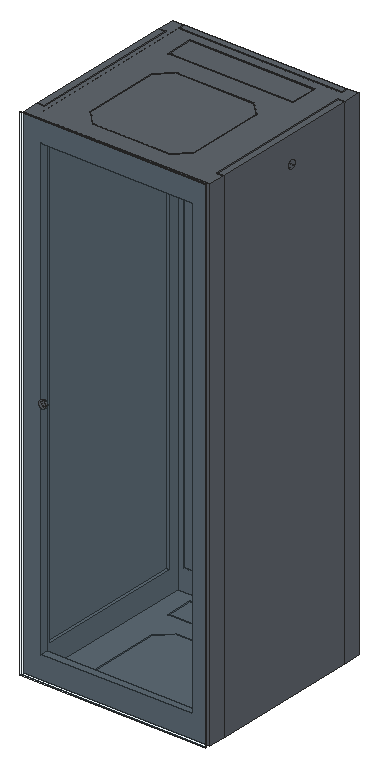
Revit family "Linkeo Freestanding cabinets with single front door width 600", category Equipement spécialisé, Revit 2020
Family settings
  Cote de connecteur circulaire = Utiliser le diamètre
  Type d'élément = Normal
  Numéro OmniClass = 23.85.05.17.11.14
  Titre OmniClass = Multimedia Broadcasting Equipment
  Basée sur le plan de construction = Non
  Toujours verticalement = Oui
  Couper avec des vides une fois chargée = Non
  Partagée = Oui
  Point de calcul de pièce = Non
Parameters (values of type "Cabinet Linkeo2 33U 600x600")
  With roof plate = yes
  With earthing = yes
  Width (mm) = 610.00 mm
  Usable width (mm) = 490.00 mm
  Usable height (mm) = 1481.00 mm
  Type of ventilation = "None"
  Type of surface = "Powder coating"
  Type of profile rail = "Crank"
  Storage temperature = "-25°C à 70°C"
  Rack location = 93.00 mm
  RAL Number = "7016"
  Operating temperature = "-25°C à 70°C"
  Number of height units = 33
  Number of doors = "1"
  Mounting level = "Front side"
  Modular spacing = "19 inches"
  Model width = 600.00 mm
  Model = "With permanent frame"
  Max load capacity = "400"
  Material = "Steel"
  Locking of the front door = "One point"
  Legrand part number = "646755"
  Type of levelling feet = "Levelling feet  600X600"
  Type of vertical uprights = "Vertical uprights for Linkeo freestanding cabinets  33U"
  Type of horizontal uprights = "Horizontal uprights for Linkeo freestanding cabinets  33U depth 600"
  Height = 1626.00 mm
  Function = "Cabinet Linkeo2"
  Front door material = glass
  Fabricant = "Legrand"  # constant formula
  E-catalogue link = "https://www.legrand.fr/reference/646755/pro"
  Door symbol = "Door symbol  Door 600mm"
  Elévation par défaut = 0.00 mm
  EAN = "3414971001527"
  Distance of the aperture 1 = 57.00 mm
  Depth of the model (mm) = 600.00 mm
  Depth = 630.00 mm
  Degree of protection IP = "IP20"
  Degree of protection IK = "IK08"
  Color = grey
  BIM wording = "Cabinet Linkeo2 33U 600x600"
  Avec porte frontale = yes
  Application class = "EC002499"
Types (5, lengths in mm): name | Usable width (mm) | Usable height (mm) | Number of height units | Legrand part number | Type of levelling feet | Type of vertical uprights | Type of horizontal uprights | Height | E-catalogue link | EAN | Distance of the aperture 1 | Depth of the model (mm) | Depth | BIM wording
  Cabinet Linkeo2 24U 600x600 | 490.00 | 1081.00 | 24 | "646750" | "Levelling feet  600X600" | "Vertical uprights for Linkeo freestanding cabinets  24U" | "Horizontal uprights for Linkeo freestanding cabinets  24U depth 600" | 1226.00 | "https://www.legrand.fr/reference/646750/pro" | "3414971001503" | 57.00 | 600.00 | 630.00 | "Cabinet Linkeo2 24U 600x600"
  Cabinet Linkeo2 42U 600x800 | 690.00 | 1881.00 | 42 | "646761" | "Levelling feet  600X800" | "Vertical uprights for Linkeo freestanding cabinets  42U" | "Horizontal uprights for Linkeo freestanding cabinets  42U depth 800" | 2026.00 | "https://www.legrand.fr/reference/646761/pro" | "3414971001558" | 257.00 | 800.00 | 830.00 | "Cabinet Linkeo2 42U 600x800"
  Cabinet Linkeo2 33U 600x600 | 490.00 | 1481.00 | 33 | "646755" | "Levelling feet  600X600" | "Vertical uprights for Linkeo freestanding cabinets  33U" | "Horizontal uprights for Linkeo freestanding cabinets  33U depth 600" | 1626.00 | "https://www.legrand.fr/reference/646755/pro" | "3414971001527" | 57.00 | 600.00 | 630.00 | "Cabinet Linkeo2 33U 600x600"
  Cabinet Linkeo2 42U 600x600 | 490.00 | 1881.00 | 42 | "646760" | "Levelling feet  600X600" | "Vertical uprights for Linkeo freestanding cabinets  42U" | "Horizontal uprights for Linkeo freestanding cabinets  42U depth 600" | 2026.00 | "https://www.legrand.fr/reference/646760/pro" | "3414971001541" | 57.00 | 600.00 | 630.00 | "Cabinet Linkeo2 42U 600x600"
  Cabinet Linkeo2 42U 600x1000 | 890.00 | 1881.00 | 42 | "646762" | "Levelling feet  600X1000" | "Vertical uprights for Linkeo freestanding cabinets  42U" | "Horizontal uprights for Linkeo freestanding cabinets  42U depth 1000" | 2026.00 | "https://www.legrand.fr/reference/646762/pro" | "3414971001565" | 457.00 | 1000.00 | 1030.00 | "Cabinet Linkeo2 42U 600x1000"
Reference planes
  plane 1 "Centre (avant/arrière)": y = 106
  plane 2: z = 0
  plane 3: x = 0
  plane 4: x = 600
  plane 5: z = 1626
  plane 6: y = -494
  plane 7: x = 55
  plane 8: x = 545
  plane 9: x = 300
  plane 10: z = 1553.5
  plane 11: z = 72.5
  plane 12: z = 813
  plane 13: y = -492
  plane 14: x = 300
  plane 15: y = -444.5
  plane 16: y = 455.094
  plane 17: x = 1428.928
  plane 18: z = -485.313
  plane 19: x = 2466.566
  plane 20: z = 813
  plane 21: x = 300
  plane 22: x = 500
  plane 23: x = 100
  plane 24: x = 300
  plane 25: y = -401
  plane 26: x = 525
  plane 27: y = -399.5
  plane 28: x = 556.5
  plane 29: x = 558
  plane 30: y = -360.5
  plane 31: y = -359
  plane 32: x = 534.5
  plane 33: x = 536
  plane 34: z = 80
  plane 35: z = 89.5
  plane 36: x = 528.5
  plane 37: x = 538
  plane 38: z = 111.75
  plane 39: z = 121.25
  plane 40: y = -742.5
  plane 41: y = -752
  plane 42: z = 105.38
  plane 43: z = 95.88
  plane 44: x = 77
  plane 45: x = 67.5
  plane 46: x = 66
  plane 47: z = 77.5
  plane 48: z = 1591
  plane 49: z = 813
  plane 50: y = -494
  plane 51: y = 66
  plane 52: z = 35
  plane 53: y = -601
  plane 54 "Panneaux gauche": y = -397.5
  plane 55 "Panneaux droit": y = 62.5
  plane 56 "Panneaux haut": z = 1589
  plane 57: z = 1541
  plane 58: z = 1541
  plane 59: y = -167.5
  plane 60: x = 175
  plane 61: x = 425
  plane 62: y = 54
  plane 63: y = -36
  plane 64: x = 98
  plane 65: x = 502
  plane 66: x = 131
  plane 67: y = -344.658
  plane 68: x = 469
  plane 69: y = -6.658
  plane 70: x = 133.5
  plane 71: y = -9.158
  plane 72: y = -342.158
  plane 73: x = 466.5
  plane 74: y = -50.658
  plane 75: y = -300.158
  plane 76: through (150.891, -321.084, 1200) normal (-0.7071, -0.7071, 0)
  plane 77: through (440.304, -329.89, 1200) normal (-0.7071, 0.7071, 0)
  plane 78: through (446.349, -26.971, 1200) normal (-0.7071, -0.7071, 0)
  plane 79: through (445.75, -29.908, 1200) normal (-0.7071, -0.7071, 0)
  plane 80: through (150.227, -316.885, 1200) normal (-0.7071, -0.7071, 0)
  plane 81: through (445.5, -321.158, 1200) normal (-0.7071, 0.7071, 0)
  plane 82: x = 100.5
  plane 83: y = 91.5
  plane 84: y = 7.5
  plane 85: x = 499.5
  plane 86: x = 131
  plane 87: y = -437
  plane 88: x = 469
  plane 89: y = -99
  plane 90: x = 133.5
  plane 91: y = -101.5
  plane 92: y = -434.5
  plane 93: x = 466.5
  plane 94: y = -143
  plane 95: y = -392.5
  plane 96: through (150.891, -413.426, 577) normal (-0.7071, -0.7071, 0)
  plane 97: through (440.304, -422.232, 577) normal (-0.7071, 0.7071, 0)
  plane 98: through (446.349, -119.313, 577) normal (-0.7071, -0.7071, 0)
  plane 99: through (445.75, -122.25, 577) normal (-0.7071, -0.7071, 0)
  plane 100: through (150.227, -409.227, 577) normal (-0.7071, -0.7071, 0)
  plane 101: through (445.5, -413.5, 577) normal (-0.7071, 0.7071, 0)
  plane 102: x = 51
  plane 103: x = 141
  plane 104: y = -92
  plane 105: y = -496
  plane 106: y = -94.5
  plane 107: x = 53.5
  plane 108: x = 459
  plane 109: x = 549
  plane 110: through (113.028, -163.472, 1200) normal (-0.7071, 0.7071, 0)
  plane 111: through (194.144, -78.82, 1200) normal (0.7071, -0.7071, 0)
  plane 112: through (113.028, -71.13, 1823) normal (-0.7071, 0.7071, 0)
  plane 113: through (194.144, 13.522, 1823) normal (0.7071, -0.7071, 0)
  plane 114: x = 175.5
  plane 115: through (175.5, -434.5, 1200) normal (-0.7071, -0.7071, 0)
  plane 116: x = 424.5
  plane 117: through (424.5, -434.5, 1200) normal (-0.7071, 0.7071, 0)
  plane 118: through (133.5, -143, 1200) normal (-0.7071, 0.7071, 0)
  plane 119: through (425, -101.5, 1200) normal (0.7071, 0.7071, 0)
  plane 120: x = 175.5
  plane 121: through (175.5, -342.158, 1823) normal (-0.7071, -0.7071, 0)
  plane 122: x = 424.5
  plane 123: through (424.5, -342.158, 1823) normal (-0.7071, 0.7071, 0)
  plane 124: through (133.5, -50.658, 1823) normal (-0.7071, 0.7071, 0)
  plane 125: through (425, -9.158, 1823) normal (0.7071, 0.7071, 0)
  plane 126: y = -401
  plane 127: z = 124.45
  plane 128: x = 42
  plane 129: y = -493.5
  plane 130: x = 100.5
  plane 131: x = 100.5
  plane 132: x = 100.5
  plane 133: x = 561.5
  plane 134: z = 1558
  plane 135: y = -194
  plane 136: y = 84.5
  plane 137: y = -472.5
  plane 138: x = 41
  plane 139: x = 559
  plane 140: x = 300
  plane 141: z = 5759
  plane 142: z = 1558
  plane 143: y = -694
  plane 144: z = 72
  plane 145: z = 1554
  plane 146: y = 82.5
  plane 147: y = -470.5
  plane 148: x = 138.5
  plane 149: x = 546.5
  plane 150: x = 578.5
  plane 151: x = 21.5
  plane 152: z = 1553.5
  plane 153: z = 72.5
  plane 154: z = 813
  plane 155: y = -194
  plane 156: y = 51
  plane 157: y = -439
  plane 158: x = 36.5
  plane 159: x = 563.5
  plane 160: y = 84.5
  plane 161: y = -294
  plane 162: y = -509
  plane 163: y = -504
  plane 164: y = -194
Forms (mm)
  Extrusion 1, solid, material "grey" <- "Color"
    sketch origin (0, 0, 0) x (0, 1, 0) y (0, 0, 1)
      loop
        line (-494, 0) -> (106, 0) -> (106, 1626) -> (-494, 1626) -> (-494, 0)
    from 0 to 600
  Extrusion 2, void
    sketch origin (-250, 82.5, 1200) x (1, 0, 0) y (0, 0, 1)
      loop
        line (285, 424) -> (285, -1198) -> (815, -1198) -> (815, 424) -> (285, 424)
    from 0 to 553
  Extrusion 3, void
    sketch origin (0, 106, 0) x (1, 0, 0) y (0, 0, 1)
      loop
        line (55, 1553.5) -> (55, 72.5) -> (545, 72.5) -> (545, 1553.5) -> (55, 1553.5)
    from 0 to 600
  Extrusion 4, solid, material "grey"
    sketch origin (-562.617, -509, 341.471) x (1, 0, 0) y (0, 0, 1)
      loop
        circle (638.746, 471.529) r 12
    from 0 to 5
  Extrusion 5, void
    sketch origin (-561.997, -514, 341.306) x (-1, 0, 0) y (0, 0, 1)
      loop
        line (-631.856, 476.03) -> (-633.789, 477.963) -> (-644.395, 467.357) -> (-642.463, 465.424) -> (-631.856, 476.03)
    from 0 to 2
  Extrusion 6, solid, material "grey", not visible
    sketch origin (50.552, -709, -159.029) x (1, 0, 0) y (0, 0, 1)
      loop
        circle (638.746, 471.529) r 12
    from 0 to 5
  Extrusion 7, void, not visible
    sketch origin (51.172, -714, -159.194) x (-1, 0, 0) y (0, 0, 1)
      loop
        line (-631.856, 476.03) -> (-633.789, 477.963) -> (-644.395, 467.357) -> (-642.463, 465.424) -> (-631.856, 476.03)
    from 0 to 2
  Extrusion 8, solid, material "grey" <- "Color", not visible
    sketch origin (-100, 47, -855.959) x (0, -1, 0) y (0, 0, 1)
      loop
        circle (154, 1149) r 12
    from 0 to 4
  Extrusion 9, void, not visible
    sketch origin (-104, 531.38, -177.686) x (0, 1, 0) y (0, 0, 1)
      loop
        line (-631.856, 476.03) -> (-633.789, 477.963) -> (-644.395, 467.357) -> (-642.463, 465.424) -> (-631.856, 476.03)
    from 0 to 2
  Extrusion 10, solid, material "grey" <- "Color"
    sketch origin (0, -13.5, 392) x (0, -1, 0) y (0, 0, 1)
      loop
        circle (154, 1149) r 12
    from 0 to 4
  Extrusion 11, void
    sketch origin (-4, 470.88, 1070.273) x (0, 1, 0) y (0, 0, 1)
      loop
        line (-631.856, 476.03) -> (-633.789, 477.963) -> (-644.395, 467.357) -> (-642.463, 465.424) -> (-631.856, 476.03)
    from 0 to 2
  Extrusion 12, solid, material "grey" <- "Color", not visible
    sketch origin (621, -865.746, -189.529) x (0, 1, 0) y (0, 0, 1)
      loop
        circle (638.746, 471.529) r 12
    from 0 to 4
  Extrusion 13, void, not visible
    sketch origin (625, -865.126, -189.694) x (0, -1, 0) y (0, 0, 1)
      loop
        line (-631.856, 476.03) -> (-633.789, 477.963) -> (-644.395, 467.357) -> (-642.463, 465.424) -> (-631.856, 476.03)
    from 0 to 2
  Extrusion 14, void
    sketch origin (0, -23, 0) x (1, 0, 0) y (0, 1, 0)
      loop
        line (131, -118.964) -> (131, -370.536) -> (174.464, -414) -> (425.536, -414) -> (469, -370.536) -> (469, -118.964) -> (426.036, -76) -> (173.964, -76) -> (131, -118.964)
    from 1626 to 0
  Extrusion 15, void
    sketch origin (0, -494, 0) x (0, -1, 0) y (1, 0, 0)
      loop
        line (-458, 98) -> (-458, 502) -> (-548, 502) -> (-548, 98) -> (-458, 98)
    from 0 to 1626
  Extrusion 16, solid, material "grey" <- "Color"
    sketch origin (698, 106, 1626) x (-1, 0, 0) y (0, -1, 0)
      loop
        line (597.5, 56) -> (597.5, 138.5) -> (198.5, 138.5) -> (198.5, 56) -> (597.5, 56)
    from 0 to -2
  Extrusion 17, solid, material "grey" <- "Color", not visible
    sketch origin (698, 146, 625) x (-1, 0, 0) y (0, -1, 0)
      loop
        line (597.5, 56) -> (597.5, 138.5) -> (198.5, 138.5) -> (198.5, 56) -> (597.5, 56)
    from 0 to -2
  Extrusion 18, solid, material "grey" <- "Color"
    sketch origin (698, 106, 2) x (-1, 0, 0) y (0, -1, 0)
      loop
        line (597.5, 56) -> (597.5, 138.5) -> (198.5, 138.5) -> (198.5, 56) -> (597.5, 56)
    from 0 to -2
  Extrusion 19, solid, material "grey" <- "Color"
    sketch origin (-100, -454, 0) x (1, 0, 0) y (0, -1, 0)
      loop
        line (233.5, -311) -> (275, -352.5) -> (525, -352.5) -> (566.5, -311) -> (566.5, -61.5) -> (524.5, -19.5) -> (275.5, -19.5) -> (233.5, -61.5) -> (233.5, -311)
    from 0 to -2
  Extrusion 20, solid, material "grey" <- "Color"
    sketch origin (0, 106, 1626) x (0, -1, 0) y (1, 0, 0)
      loop
        line (207.5, 175) -> (249, 133.5) -> (498.5, 133.5) -> (540.5, 175.5) -> (540.5, 424.5) -> (498.5, 466.5) -> (249, 466.5) -> (207.5, 425) -> (207.5, 175)
    from -2 to 0
  Extrusion 21, void
    sketch origin (0, 106, 0) x (1, 0, 0) y (0, 0, 1)
      loop
        line (549, 1554) -> (51, 1554) -> (51, 72) -> (549, 72) -> (549, 1554)
    from 2 to 0
  Extrusion 22, solid, material "grey" <- "Color"
    sketch origin (938.746, 106, 1067.471) x (-1, 0, 0) y (0, 0, 1)
      loop
        circle (638.746, 471.529) r 12
    from 0 to 4
  Extrusion 23, void
    sketch origin (938.126, 110, 1067.306) x (1, 0, 0) y (0, 0, 1)
      loop
        line (-631.856, 476.03) -> (-633.789, 477.963) -> (-644.395, 467.357) -> (-642.463, 465.424) -> (-631.856, 476.03)
    from 0 to 2
  Extrusion 24, solid, material "grey" <- "Color"
    sketch origin (600, -321.5, 392) x (0, 1, 0) y (0, 0, 1)
      loop
        circle (154, 1149) r 12
    from 0 to 4
  Extrusion 25, void
    sketch origin (604, -805.88, 1070.273) x (0, -1, 0) y (0, 0, 1)
      loop
        line (-631.856, 476.03) -> (-633.789, 477.963) -> (-644.395, 467.357) -> (-642.463, 465.424) -> (-631.856, 476.03)
    from 0 to 2
  Extrusion 26, void
    sketch origin (0, 0, 0) x (0, 1, 0) y (0, 0, 1)
      loop
        line (51, 1626) -> (-439, 1626) -> (-439, 0) -> (51, 0) -> (51, 1626)
    from 0 to 21.5
  Extrusion 27, solid, material "grey" <- "Color"
    sketch origin (0, 0, 0) x (0, 1, 0) y (0, 0, 1)
      loop
        line (51, 1626) -> (-439, 1626) -> (-439, 0) -> (51, 0) -> (51, 1626)
    from 0 to 21.5
  Extrusion 28, solid, material "grey" <- "Color"
    sketch origin (600, 0, 0) x (0, 1, 0) y (0, 0, 1)
      loop
        line (-439, 1626) -> (-439, 0) -> (51, 0) -> (51, 1626) -> (-439, 1626)
    from 0 to -21.5
  Extrusion 29, solid, material "grey" <- "Color"
    sketch origin (0, 106, 0) x (1, 0, 0) y (0, 0, 1)
      loop
        line (563.5, 1626) -> (36.5, 1626) -> (36.5, 0) -> (563.5, 0) -> (563.5, 1626)
    from 0 to 21.5
  Extrusion 30, void
    sketch origin (600, 0, 0) x (0, -1, 0) y (0, 0, 1)
      loop
        line (439, 1626) -> (-51, 1626) -> (-51, 0) -> (439, 0) -> (439, 1626)
    from 0 to 21.5
  Extrusion 31, void
    sketch origin (0, 0, 0) x (0, 1, 0) y (0, 0, 1)
      loop
        line (51, 1553.5) -> (-439, 1553.5) -> (-439, 72.5) -> (51, 72.5) -> (51, 1553.5)
    from 0 to 600
  Extrusion 32, void
    sketch origin (0, 106, 1626) x (1, 0, 0) y (0, -1, 0)
      loop
        line (36.5, 21.5) -> (36.5, 0) -> (563.5, 0) -> (563.5, 21.5) -> (36.5, 21.5)
    from 0 to 1626
  Extrusion 33, solid, material "glass" <- "Front door material"
    sketch origin (0, 106, 1626) x (0, -1, 0) y (1, 0, 0)
      loop
        line (615, 0) -> (615, 600) -> (610, 600) -> (610, 0) -> (615, 0)
    from -1626 to 4
  Extrusion 34, solid, material "grey" <- "Color", not visible
    sketch origin (600, -321.5, -8) x (0, 1, 0) y (0, 0, 1)
      loop
        circle (154, 1149) r 12
    from 0 to 4
  Extrusion 35, void, not visible
    sketch origin (604, -805.88, 670.273) x (0, -1, 0) y (0, 0, 1)
      loop
        line (-631.856, 476.03) -> (-633.789, 477.963) -> (-644.395, 467.357) -> (-642.463, 465.424) -> (-631.856, 476.03)
    from 0 to 2
Cuts and joins
  Extrusion 2, Extrusion 3, Extrusion 14, Extrusion 15, Extrusion 21, Extrusion 26, Extrusion 30, Extrusion 31, Extrusion 32 cuts Extrusion 1
  Extrusion 5 cuts Extrusion 4
  Extrusion 11, Extrusion 31 cuts Extrusion 10
  Extrusion 23 cuts Extrusion 22
  Extrusion 25, Extrusion 30 cuts Extrusion 24
Lines and regions (mm)
  model lines, not visible
    curve 1: line (488, 106, 813) -> (512, 106, 813)
    curve 2: line (-104, -119, 293.041) -> (-104, -107, 293.041)
    curve 3: line (-4, -179.5, 1541) -> (-4, -167.5, 1541)
    curve 4: line (661, -215, 282) -> (661, -227, 282)
    curve 5: line (-139, -227, 282) -> (-139, -227, 270)
    curve 6: line (0, -154, 1267) -> (0, -154, 1255)
    curve 7: line (-100, -93.5, 19.041) -> (-100, -93.5, 7.041)
    curve 8: line (288, 146, 1539) -> (300, 146, 1539)
    curve 9: line (300, -654, 1539) -> (300, -654, 1527)
    curve 10: line (604, -155.5, 1541) -> (604, -167.5, 1541)
    curve 11: line (700, -181, 1267) -> (700, -181, 1255)
    curve 12: line (600, -181, 1267) -> (600, -171, 1267)
    curve 13: line (0, -93.5, 19.041) -> (0, -103.5, 19.041)
    curve 14: line (100, -154, 1267) -> (100, -164, 1267)
    curve 15: line (600, -654, 1527) -> (600, -639, 1527)
    curve 16: line (-139, -527, 270) -> (-124, -527, 270)
    curve 17: line (700, -181, 867) -> (700, -181, 855)
    curve 18: line (600, -181, 867) -> (600, -171, 867)
Dimensions and locks
  "Model width": plane 4 to plane 3
  "Height": plane 5 to level
  "Depth of the model (mm)": plane 6 to plane 1 "Centre (avant/arrière)"
  locked: plane 7 to plane 8 at 490
  equal spacing: plane 7, plane 9, plane 8
  equal spacing: plane 4, plane 9, plane 3
  equal spacing: plane 5, plane 12, level
  equal spacing: plane 10, plane 12, plane 11
  "Usable height (mm)": plane 10 to plane 11
  Extrusion 2 sketch curve to plane 3 = 35.00 mm
  Extrusion 2 sketch curve to plane 4 = 35.00 mm
  locked: Extrusion 2 sketch curve to level at 2
  locked: plane 5 to Extrusion 2 sketch curve at 2
  locked: plane 6 to plane 13 at 2
  cut or joined group 1 (Extrusion 1, Extrusion 2, Extrusion 3, Extrusion 14, Extrusion 15, Extrusion 21, Extrusion 26, Extrusion 30, Extrusion 31, Extrusion 32) to plane 1 "Centre (avant/arrière)" = 23.50 mm
  equal spacing: plane 3, plane 14, plane 4
  equal spacing: plane 23, plane 24, plane 22
  "Rack location": plane 25 to plane 6
  locked: plane 27 to plane 25 at 1.5
  locked: plane 28 to plane 29 at 1.5
  locked: plane 30 to plane 31 at 1.5
  locked: plane 32 to plane 33 at 1.5
  plane 29 to cut or joined group 1 = 7.00 mm
  locked: plane 26 to plane 28 at 31.5
  locked: plane 31 to plane 25 at 42
  locked: plane 32 to plane 29 at 23.5
  locked: plane 34 to level at 80
  locked: plane 35 to plane 34 at 9.5
  locked: plane 36 to plane 37 at 9.5
  locked: plane 26 to plane 36 at 3.5
  locked: plane 39 to plane 38 at 9.5
  locked: plane 38 to plane 34 at 31.75
  plane 41 to plane 40 = 9.50 mm
  locked: plane 42 to plane 43 at 9.5
  plane 43 to plane 35 = 6.38 mm
  locked: plane 45 to plane 46 at 1.5
  locked: plane 47 to plane 11 at 5
  plane 5 to plane 48 to plane 10 = 35.00 mm, 37.50 mm
  locked: plane 51 to plane 1 "Centre (avant/arrière)" at 40
  locked: plane 52 to level at 35
  locked: plane 48 to plane 5 at 35
  locked: plane 25 to plane 54 "Panneaux gauche" at 3.5
  locked: plane 55 "Panneaux droit" to plane 51 at 3.5
  locked: plane 56 "Panneaux haut" to plane 48 at 2
  plane 57 to plane 5 = 85.00 mm
  locked: plane 5 to plane 58 at 85
  plane 54 "Panneaux gauche" to plane 55 "Panneaux droit" = 460.00 mm
  equal spacing: plane 54 "Panneaux gauche", plane 59, plane 55 "Panneaux droit"
  locked: plane 64 to plane 65 at 404
  locked: plane 104 to plane 105 at 404
  locked: plane 102 to plane 103 at 90
  locked: plane 104 to plane 106 at 2.5
  locked: plane 102 to plane 107 at 2.5
  locked: plane 3 to plane 102 at 51
  locked: plane 108 to plane 109 at 90
  plane 109 to plane 4 = 51.00 mm
  "Distance of the aperture 1": plane 50 to plane 87
  locked: plane 127 to plane 34 at 44.45
  equal spacing: plane 128, plane 24, plane 29
  locked: plane 128 to plane 29 at 516
  plane 1 "Centre (avant/arrière)" to plane 62 = 52.00 mm
  cut or joined group 1 to plane 63 = 90.00 mm
  plane 129 to plane 105 = 2.50 mm
  plane 5 to plane 134 = 68.00 mm
  equal spacing: plane 136, plane 135, plane 137
  equal spacing: plane 1 "Centre (avant/arrière)", plane 135, plane 6
  equal spacing: plane 138, plane 140, plane 139, locked at 259 each
  plane 141 to plane 20 = 4946.00 mm
  equal spacing: Extrusion 26 sketch curve, plane 135, Extrusion 26 sketch curve
  "Usable width (mm)": Extrusion 26 sketch curve to Extrusion 26 sketch curve
  locked: plane 144 to level at 72
  plane 5 to plane 145 = 72.00 mm
  locked: plane 1 "Centre (avant/arrière)" to plane 146 at 23.5
  locked: plane 50 to plane 147 at 23.5
  locked: plane 148 to plane 103 at 2.5
  locked: plane 149 to plane 109 at 2.5
  locked: plane 150 to plane 4 at 21.5
  locked: plane 3 to plane 151 at 21.5
  equal spacing: plane 152, plane 154, plane 153
  "Usable height (mm)": plane 152 to plane 153
  equal spacing: plane 156, plane 155, plane 157
  "Usable width (mm)": plane 156 to plane 157
  locked: plane 3 to plane 158 at 36.5
  locked: plane 159 to plane 4 at 36.5
  locked: plane 1 "Centre (avant/arrière)" to plane 160 at 21.5
  equal spacing: plane 1 "Centre (avant/arrière)", plane 161, plane 143
  locked: plane 163 to plane 162 at 5
  locked: plane 163 to plane 50 at 10
  cut or joined group of Extrusion 4, Extrusion 5 to Extrusion 33 = 5.00 mm
  equal spacing: plane 50, plane 164, plane 1 "Centre (avant/arrière)"
  locked: curve 11 to curve 6 at 27
  locked: curve 12 to curve 14
  locked: curve 15 to plane 5 at 99
  aligned and locked: level to plane 2
  aligned and locked: Extrusion 1 sketch curve to level
  aligned and locked: Extrusion 1 sketch curve to plane 6
  aligned and locked: plane 5 to Extrusion 1 sketch curve
  aligned and locked: Extrusion 1 sketch curve to plane 1 "Centre (avant/arrière)"
  aligned and locked: Extrusion 1 to plane 4
  aligned and locked: Extrusion 1 to plane 3
  aligned and locked: Extrusion 3 sketch curve to plane 10
  aligned and locked: Extrusion 3 sketch curve to plane 7
  aligned and locked: plane 11 to Extrusion 3 sketch curve
  aligned and locked: Extrusion 3 sketch curve to plane 8
  aligned and locked: Extrusion 1 to Extrusion 3  (x2)
  aligned and locked: plane 24 to plane 9
  aligned and locked: plane 20 to plane 12
  aligned and locked: plane 49 to Extrusion 4
  aligned and locked: plane 49 to plane 20
  aligned and locked: plane 6 to plane 50
  aligned and locked: plane 57 to curve 3
  aligned and locked: plane 59 to curve 3
  aligned and locked: Extrusion 15 sketch curve to plane 64
  aligned and locked: plane 65 to Extrusion 15 sketch curve
  aligned and locked: Extrusion 16 to cut or joined group 1
  aligned and locked: Extrusion 1 to Extrusion 15
  aligned and locked: Extrusion 14 sketch curve to plane 86
  aligned and locked: Extrusion 14 sketch curve to plane 111
  aligned and locked: Extrusion 14 sketch curve to plane 89
  aligned and locked: Extrusion 14 sketch curve to plane 98
  aligned and locked: Extrusion 14 sketch curve to plane 88
  aligned and locked: Extrusion 14 sketch curve to plane 97
  aligned and locked: Extrusion 14 sketch curve to plane 87
  aligned and locked: Extrusion 14 sketch curve to plane 96
  aligned and locked: Extrusion 19 sketch curve to plane 110
  aligned and locked: Extrusion 19 sketch curve to plane 91
  aligned and locked: Extrusion 19 sketch curve to plane 99
  aligned and locked: Extrusion 19 sketch curve to plane 93
  aligned and locked: Extrusion 19 sketch curve to plane 101
  aligned and locked: Extrusion 19 sketch curve to plane 92
  aligned and locked: Extrusion 19 sketch curve to plane 100
  aligned and locked: Extrusion 19 sketch curve to plane 90
  aligned and locked: Extrusion 20 sketch curve to Extrusion 19  (x8)
  aligned and locked: Extrusion 20 to cut or joined group 1
  aligned and locked: plane 5 to Extrusion 20
  aligned and locked: Extrusion 19 to level
  aligned and locked: plane 109 to Extrusion 21 sketch curve
  aligned and locked: plane 102 to Extrusion 21 sketch curve
  aligned and locked: Extrusion 21 to Extrusion 1
  aligned and locked: plane 126 to plane 25
  aligned and locked: Extrusion 15 sketch curve to plane 62
  aligned and locked: Extrusion 15 sketch curve to plane 63
  aligned and locked: Extrusion 16 to plane 130
  aligned and locked: Extrusion 17 to plane 131
  aligned and locked: Extrusion 18 to plane 132
  aligned and locked: Extrusion 1 to Extrusion 14
  aligned and locked: plane 140 to plane 14
  aligned and locked: plane 142 to plane 134
  aligned and locked: plane 145 to Extrusion 21 sketch curve
  aligned and locked: Extrusion 21 sketch curve to plane 144
  aligned and locked: cut or joined group 1 to Extrusion 27 sketch curve
  aligned and locked: Extrusion 27 sketch curve to cut or joined group 1
  aligned and locked: Extrusion 28 sketch curve to cut or joined group 1  (x4)
  aligned and locked: plane 146 to Extrusion 2
  aligned and locked: Extrusion 2 to plane 147
  aligned and locked: Extrusion 28 to plane 150
  aligned and locked: Extrusion 27 to plane 151
  aligned and locked: plane 5 to Extrusion 26 sketch curve
  aligned and locked: Extrusion 26 sketch curve to level
  aligned and locked: Extrusion 26 to Extrusion 27
  aligned and locked: Extrusion 30 sketch curve to Extrusion 28  (x2)
  aligned and locked: Extrusion 30 sketch curve to cut or joined group 1  (x2)
  aligned and locked: Extrusion 30 to Extrusion 28
  aligned and locked: plane 5 to Extrusion 27 sketch curve
  aligned and locked: Extrusion 27 sketch curve to level
  aligned and locked: plane 12 to plane 154
  aligned and locked: Extrusion 31 sketch curve to plane 11
  aligned and locked: Extrusion 31 sketch curve to plane 157
  aligned and locked: plane 156 to Extrusion 31 sketch curve
  aligned and locked: plane 10 to Extrusion 31 sketch curve
  aligned and locked: Extrusion 31 to plane 4
  aligned and locked: plane 160 to Extrusion 32 sketch curve
  aligned and locked: plane 158 to Extrusion 32 sketch curve
  aligned and locked: plane 1 "Centre (avant/arrière)" to Extrusion 32 sketch curve
  aligned and locked: Extrusion 32 sketch curve to plane 159
  aligned and locked: Extrusion 1 to Extrusion 32
  aligned and locked: plane 5 to Extrusion 29 sketch curve
  aligned and locked: Extrusion 29 sketch curve to level
  aligned and locked: Extrusion 29 sketch curve to cut or joined group 1  (x2)
  aligned and locked: Extrusion 29 to cut or joined group 1
  aligned and locked: plane 135 to plane 155
  aligned and locked: Extrusion 33 sketch curve to plane 162
  aligned and locked: Extrusion 33 sketch curve to plane 3
  aligned and locked: Extrusion 33 sketch curve to plane 163
  aligned and locked: Extrusion 33 sketch curve to plane 4
  aligned and locked: cut or joined group 1 to Extrusion 33
  aligned and locked: Extrusion 4 to Extrusion 33
  aligned and locked: curve 12 to curve 11
  aligned and locked: curve 13 to curve 7
  aligned and locked: curve 14 to curve 6
Automatic sketch dimensions
  Extrusion 5 sketch curve to Extrusion 5 sketch curve = 1.933 mm  (x2)
  Extrusion 5 sketch curve to Extrusion 5 sketch curve = 10.607 mm
  Extrusion 7 sketch curve to Extrusion 7 sketch curve = 1.933 mm  (x2)
  Extrusion 7 sketch curve to Extrusion 7 sketch curve = 10.607 mm
  Extrusion 9 sketch curve to Extrusion 9 sketch curve = 1.933 mm  (x2)
  Extrusion 9 sketch curve to Extrusion 9 sketch curve = 10.607 mm
  Extrusion 11 sketch curve to Extrusion 11 sketch curve = 1.933 mm  (x2)
  Extrusion 11 sketch curve to Extrusion 11 sketch curve = 10.607 mm
  Extrusion 13 sketch curve to Extrusion 13 sketch curve = 1.933 mm  (x2)
  Extrusion 13 sketch curve to Extrusion 13 sketch curve = 10.607 mm
  curve 5 to curve 5 = 12.00 mm
  curve 6 to curve 6 = 12.00 mm
  curve 7 to curve 7 = 12.00 mm
  Extrusion 23 sketch curve to Extrusion 23 sketch curve = 1.933 mm  (x2)
  Extrusion 23 sketch curve to Extrusion 23 sketch curve = 10.607 mm
  curve 9 to curve 9 = 12.00 mm
  curve 1 to plane 12 = 0.00 mm
  curve 1 to plane 85 = 11.50 mm
  plane 65 to curve 1 = 10.00 mm
  Extrusion 18 sketch curve to Extrusion 18 sketch curve = 399.00 mm
  Extrusion 18 sketch curve to Extrusion 18 sketch curve = 82.50 mm
  Extrusion 16 sketch curve to Extrusion 16 sketch curve = 399.00 mm
  Extrusion 16 sketch curve to Extrusion 16 sketch curve = 82.50 mm
  Extrusion 17 sketch curve to Extrusion 17 sketch curve = 399.00 mm
  Extrusion 17 sketch curve to Extrusion 17 sketch curve = 82.50 mm
  Extrusion 25 sketch curve to Extrusion 25 sketch curve = 1.933 mm  (x2)
  Extrusion 25 sketch curve to Extrusion 25 sketch curve = 10.607 mm
  curve 11 to curve 11 = 12.00 mm  (x2)
  curve 10 to curve 10 = 12.00 mm  (x2)
  curve 2 to curve 2 = 12.00 mm
  curve 3 to curve 3 = 12.00 mm
  curve 12 to curve 12 = 10.00 mm  (x2)
  curve 13 to curve 13 = 10.00 mm
  curve 14 to curve 14 = 10.00 mm
  curve 15 to curve 15 = 15.00 mm
  curve 16 to curve 16 = 15.00 mm
  Extrusion 35 sketch curve to Extrusion 35 sketch curve = 1.933 mm  (x2)
  Extrusion 35 sketch curve to Extrusion 35 sketch curve = 10.607 mm
  curve 18 to curve 18 = 10.00 mm
  curve 17 to curve 17 = 12.00 mm
  radius of Extrusion 4 sketch curve = 12.00 mm
  radius of Extrusion 6 sketch curve = 12.00 mm
  radius of Extrusion 12 sketch curve = 12.00 mm
  radius of Extrusion 10 sketch curve = 12.00 mm
  radius of Extrusion 8 sketch curve = 12.00 mm
  radius of Extrusion 22 sketch curve = 12.00 mm
  radius of Extrusion 24 sketch curve = 12.00 mm
  radius of Extrusion 34 sketch curve = 12.00 mm
